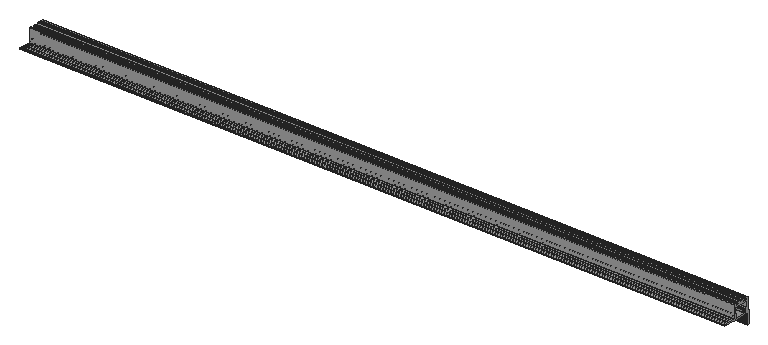
Revit family "Alcon-12100-10-PR-RGBW-Revit-Family", category Lighting Fixtures, host Ceiling, Revit 2021
Family settings
  Host = Ceiling
  Round Connector Dimension = Use Diameter
  Part Type = Normal
  Always vertical = Yes
  Cut with Voids When Loaded = No
  Light Source = Yes
  Shared = No
  Room Calculation Point = No
Parameters (values of type "12100-10-PR-RGBW-4'")
  Wattage = 9.2903 W
  built-in parameter 1150110 = 1 (stored number, unit not read)
  built-in parameter 1114217 = 1 (stored number, unit not read)
  built-in parameter 1150109 = 1 (stored number, unit not read)
  built-in parameter 1150134 = 3
  built-in parameter 1150113 = 1 (stored number, unit not read)
  Product Identity = "Alcon Lighting 12100-10-PR-RGBW"
  Manufacturer = "Alcon Light"
  built-in parameter 1150105 = 439.27 (stored number, unit not read)
  Lumens = 1380 lm
  built-in parameter 1150115 = 1 (stored number, unit not read)
  Link To Product Page = "https://www.alconlighting.com/12100-10-pr-linear-trimless-recessed-led-color-changing-perimeter-lightstrip.html"
  Light Source Symbol Size = 0' - 1"
  built-in parameter 1150137 = (empty or 0)
  built-in parameter 1150139 = (empty or 0)
  Length = 4' - 0"
  Led Source = Led Source
  built-in parameter 1150112 = 1 (stored number, unit not read)
  built-in parameter 1150114 = 1 (stored number, unit not read)
  built-in parameter 1150132 = (empty or 0)
  built-in parameter 1150102 = (empty or 0)
  built-in parameter 1150107 = 3200 (stored number, unit not read)
  built-in parameter 1150138 = (empty or 0)
  built-in parameter 1150106 = 4.3927 (stored number, unit not read)
  Housing = Default
  Lens = Lens
  Emit from Line Length = 4' - 0"
  built-in parameter 1150104 = 13.8 (stored number, unit not read)
  Dimming Lamp Color Temperature Shift = <None>
  Default Elevation = 0' - 0"
  Color Filter = 16777215
  built-in parameter 1114218 = 1 (stored number, unit not read)
  built-in parameter 1150133 = 10 (stored number, unit not read)
Types (5): name | Length | Emit from Line Length
  12100-10-PR-RGBW-3' | 3' - 0" | 3' - 0"
  12100-10-PR-RGBW-4' | 4' - 0" | 4' - 0"
  12100-10-PR-RGBW-6' | 6' - 0" | 6' - 0"
  12100-10-PR-RGBW-2' | 2' - 0" | 2' - 0"
  12100-10-PR-RGBW-8' | 8' - 0" | 8' - 0"
Reference planes (in)
  plane 1 "Center (Front/Back)": y = 0
  plane 2: z = 0
  plane 3 "Center (Left/Right)": x = 0
  plane 4 "Ceiling": z = 157.48031
Forms (in)
  Extrusion 1, solid, material "Default" <- "Housing"
    sketch origin (0, 0, 318.44208) x (0, -1, 0) y (0, 0, -1)
      loop
        line (0.48911, 160.995) -> (0.48911, 160.94031) -> (0.44569, 160.94031) -> (0.44569, 160.84112) -> (0.49738, 160.81702) -> (0.49738, 160.7833)
        arc (0.49738, 160.7833) -> (0.44679, 160.77221) -> (0.41183, 160.73399) r 0.08567
        line (0.41183, 160.73399) -> (0.44569, 160.71896)
        arc (0.44569, 160.71896) -> (0.50789, 160.69592) -> (0.44338, 160.68047) r 0.03466
        line (0.44338, 160.68047) -> (0.41183, 160.66199)
        arc (0.41183, 160.66199) -> (0.44679, 160.62377) -> (0.49738, 160.61268) r 0.08567
        line (0.49738, 160.61268) -> (0.49738, 160.20144) -> (-0.49738, 160.20144) -> (-0.49738, 160.61268)
        arc (-0.49738, 160.61268) -> (-0.44679, 160.62377) -> (-0.41183, 160.66199) r 0.08567
        line (-0.41183, 160.66199) -> (-0.44338, 160.68047)
        arc (-0.44338, 160.68047) -> (-0.50789, 160.69592) -> (-0.44569, 160.71896) r 0.03466
        line (-0.44569, 160.71896) -> (-0.41183, 160.73399)
        arc (-0.41183, 160.73399) -> (-0.44679, 160.77221) -> (-0.49738, 160.7833) r 0.08567
        line (-0.49738, 160.7833) -> (-0.49738, 160.85311) -> (-0.44394, 160.85311) -> (-0.44394, 160.8106) -> (-0.39305, 160.8106) -> (-0.39305, 160.92895) -> (-0.44394, 160.92895) -> (-0.44394, 160.97739) -> (-0.49738, 160.97739) -> (-0.49738, 160.913) -> (-0.5629, 160.913) -> (-0.5629, 160.94734) -> (-0.59479, 160.94734) -> (-0.59479, 160.98291) -> (-0.5629, 160.98291) -> (-0.5629, 161.04177) -> (-0.59479, 161.04177) -> (-0.59479, 161.07734) -> (-0.5629, 161.07734) -> (-0.5629, 161.1362) -> (-0.59479, 161.1362) -> (-0.59479, 161.17177) -> (-0.5629, 161.17177) -> (-0.5629, 161.23063) -> (-0.59479, 161.23063) -> (-0.59479, 161.2662) -> (-0.5629, 161.2662) -> (-0.5629, 161.32506) -> (-0.59479, 161.32506) -> (-0.59479, 161.36063) -> (-0.5629, 161.36063) -> (-0.5629, 161.41949) -> (-0.59479, 161.41949) -> (-0.59479, 161.45506) -> (-0.5629, 161.45506) -> (-0.5629, 161.51392) -> (-0.59479, 161.51392) -> (-0.59479, 161.54949) -> (-0.5629, 161.54949) -> (-0.5629, 161.60835) -> (-0.59479, 161.60835) -> (-0.59479, 161.64392) -> (-0.5629, 161.64392) -> (-0.5629, 161.70278) -> (-0.63158, 161.70278) -> (-0.63158, 160.85311) -> (-0.55447, 160.85311) -> (-0.55447, 159.98246) -> (-0.42956, 159.98246) -> (-0.42956, 160.04169) -> (-0.49738, 160.04169) -> (-0.49738, 160.13618) -> (-0.16794, 160.13618) -> (-0.16794, 160.04169) -> (-0.23423, 160.04169) -> (-0.23423, 159.97611) -> (-0.12352, 159.97611) -> (-0.10412, 160.04851) -> (-0.04231, 160.04851) -> (-0.02034, 160.07048)
        arc (-0.02034, 160.07048) -> (0, 160.13824) -> (0.02034, 160.07048) r 0.03693
        line (0.02034, 160.07048) -> (0.04231, 160.04851) -> (0.10412, 160.04851) -> (0.12352, 159.97611) -> (0.23423, 159.97611) -> (0.23423, 160.04169) -> (0.16794, 160.04169) -> (0.16794, 160.13618) -> (0.49738, 160.13618) -> (0.49738, 160.04169) -> (0.42956, 160.04169) -> (0.42956, 159.98246) -> (0.55447, 159.98246) -> (0.55447, 160.85311) -> (1.34424, 160.85311) -> (1.34424, 160.92853) -> (1.27495, 160.92853) -> (1.25104, 160.90462) -> (1.22713, 160.92853) -> (1.18359, 160.92853) -> (1.15968, 160.90462) -> (1.13576, 160.92853) -> (1.09223, 160.92853) -> (1.06831, 160.90462) -> (1.0444, 160.92853) -> (1.00086, 160.92853) -> (0.97695, 160.90462) -> (0.95303, 160.92853) -> (0.9095, 160.92853) -> (0.88558, 160.90462) -> (0.86167, 160.92853) -> (0.81813, 160.92853) -> (0.79422, 160.90462) -> (0.77031, 160.92853) -> (0.72677, 160.92853) -> (0.70286, 160.90462) -> (0.67894, 160.92853) -> (0.63541, 160.92853) -> (0.61149, 160.90462) -> (0.58758, 160.92853) -> (0.55447, 160.92853) -> (0.55447, 160.995) -> (0.48911, 160.995)
    from 0 to 48
  Extrusion 2, solid, material "Lens" <- "Lens"
    sketch origin (0, 0, 318.52021) x (0, -1, 0) y (0, 0, -1)
      loop
        line (0.48911, 161.01844) -> (0.48911, 161.07313) -> (-0.43647, 161.07313) -> (-0.43647, 161.01844) -> (-0.39305, 161.01844) -> (-0.39305, 160.888) -> (-0.42992, 160.8708) -> (-0.40562, 160.8465)
        arc (-0.40562, 160.8465) -> (-0.38887, 160.8404) -> (-0.37344, 160.84931) r 0.02108
        line (-0.37344, 160.84931) -> (-0.35238, 160.87939) -> (-0.35238, 160.99545) -> (0.40502, 160.99545) -> (0.40502, 160.91064) -> (0.42608, 160.88056)
        arc (0.42608, 160.88056) -> (0.44151, 160.87165) -> (0.45826, 160.87775) r 0.02108
        line (0.45826, 160.87775) -> (0.48256, 160.90205) -> (0.44569, 160.91925) -> (0.44569, 161.01844) -> (0.48911, 161.01844)
    from 0 to 48
  Extrusion 3, void
    sketch origin (0, 0, 157.48031) x (0, 1, 0) y (-1, 0, 0)
      loop
        line (-0.55447, 0) -> (-0.55447, -48) -> (0.49738, -48) -> (0.49738, 0) -> (-0.55447, 0)
    from -0.14164 to 1.18394
Dimensions and locks (in)
  equal spacing: host sketch curve, plane 3 "Center (Left/Right)", host sketch curve
  equal spacing: host sketch curve, plane 1 "Center (Front/Back)", host sketch curve
  host sketch curve to host sketch curve = 13' - 1.48031"  (x2)
  plane 4 "Ceiling" to host ceiling = 0' - 0"
  "Length": plane 3 "Center (Left/Right)" to Extrusion 3
  "Length": plane 3 "Center (Left/Right)" to Extrusion 2
  "Length": plane 3 "Center (Left/Right)" to Extrusion 1
Automatic sketch dimensions
  Extrusion 3 sketch curve to plane 3 "Center (Left/Right)" = 0' - 0"
  plane 1 "Center (Front/Back)" to Extrusion 3 sketch curve = 0' - 0.55447"
  Extrusion 3 sketch curve to plane 1 "Center (Front/Back)" = 0' - 0.49738"
  plane 3 "Center (Left/Right)" to Extrusion 3 sketch curve = 4' - 0"
  Extrusion 2 sketch curve to plane 4 "Ceiling" = 0' - 0.02145"  (x2)
  Extrusion 2 sketch curve to plane 1 "Center (Front/Back)" = 0' - 0.43647"
  Extrusion 2 sketch curve to plane 4 "Ceiling" = 0' - 0.16909"
  Extrusion 2 sketch curve to Extrusion 2 sketch curve = 0' - 0.00655"
  Extrusion 2 sketch curve to plane 4 "Ceiling" = 0' - 0.19339"
  Extrusion 2 sketch curve to Extrusion 2 sketch curve = 0' - 0.0243"  (x2)
  Extrusion 2 sketch curve to plane 4 "Ceiling" = 0' - 0.1519"
  Extrusion 2 sketch curve to Extrusion 2 sketch curve = 0' - 0.03687"
  Extrusion 2 sketch curve to Extrusion 2 sketch curve = 0' - 0.01491"  (x2)
  Extrusion 2 sketch curve to plane 4 "Ceiling" = 0' - 0.19058"
  Extrusion 2 sketch curve to Extrusion 2 sketch curve = 0' - 0.01727"  (x2)
  Extrusion 2 sketch curve to Extrusion 2 sketch curve = 0' - 0.02106"  (x2)
  Extrusion 2 sketch curve to plane 4 "Ceiling" = 0' - 0.12925"
  plane 1 "Center (Front/Back)" to Extrusion 2 sketch curve = 0' - 0.40502"
  Extrusion 2 sketch curve to plane 4 "Ceiling" = 0' - 0.15933"
  Extrusion 2 sketch curve to plane 4 "Ceiling" = 0' - 0.12065"
  Extrusion 2 sketch curve to Extrusion 2 sketch curve = 0' - 0.00234"
  Extrusion 2 sketch curve to plane 4 "Ceiling" = 0' - 0.16214"
  Extrusion 2 sketch curve to plane 4 "Ceiling" = 0' - 0.13784"
  Extrusion 2 sketch curve to Extrusion 2 sketch curve = 0' - 0.04342"
  Extrusion 2 sketch curve to Extrusion 2 sketch curve = 0' - 0.03008"
  Extrusion 2 sketch curve to plane 4 "Ceiling" = 0' - 0.04445"
  Extrusion 2 sketch curve to Extrusion 2 sketch curve = 0' - 0 7/128"
  Extrusion 1 sketch curve to Extrusion 1 sketch curve = 0' - 0"  (x10)
  Extrusion 1 sketch curve to plane 1 "Center (Front/Back)" = 0' - 0.63158"
  Extrusion 1 sketch curve to Extrusion 1 sketch curve = 0' - 0.03679"  (x3)
  Extrusion 1 sketch curve to plane 4 "Ceiling" = 0' - 0.01442"
  Extrusion 1 sketch curve to Extrusion 1 sketch curve = 0' - 0.03189"  (x9)
  Extrusion 1 sketch curve to Extrusion 1 sketch curve = 0' - 0.07711"
  plane 4 "Ceiling" to Extrusion 1 sketch curve = 0' - 0 1/64"
  Extrusion 1 sketch curve to Extrusion 1 sketch curve = 0' - 0.06553"
  Extrusion 1 sketch curve to Extrusion 1 sketch curve = 0' - 0.05709"  (x4)
  Extrusion 1 sketch curve to Extrusion 1 sketch curve = 0' - 0 1/128"  (x2)
  Extrusion 1 sketch curve to Extrusion 1 sketch curve = 0' - 0.01628"  (x2)
  Extrusion 1 sketch curve to plane 4 "Ceiling" = 0' - 0.24281"  (x2)
  Extrusion 1 sketch curve to Extrusion 1 sketch curve = 0' - 0.0276"
  Extrusion 1 sketch curve to Extrusion 1 sketch curve = 0' - 0.05343"  (x2)
  Extrusion 1 sketch curve to plane 4 "Ceiling" = 0' - 0.2813"
  Extrusion 1 sketch curve to Extrusion 1 sketch curve = 0' - 0.0299"  (x2)
  Extrusion 1 sketch curve to Extrusion 1 sketch curve = 0' - 0.06782"  (x2)
  Extrusion 1 sketch curve to plane 4 "Ceiling" = 0' - 0.29978"
  Extrusion 1 sketch curve to Extrusion 1 sketch curve = 0' - 0.03155"  (x2)
  Extrusion 1 sketch curve to plane 4 "Ceiling" = 0' - 0.22777"  (x2)
  Extrusion 1 sketch curve to Extrusion 1 sketch curve = 0' - 0.03386"  (x3)
  Extrusion 1 sketch curve to Extrusion 1 sketch curve = 0' - 0.05089"
  Extrusion 1 sketch curve to Extrusion 1 sketch curve = 0' - 0 25/128"  (x2)
  Extrusion 1 sketch curve to Extrusion 1 sketch curve = 0' - 0.06628"  (x2)
  Extrusion 1 sketch curve to Extrusion 1 sketch curve = 0' - 0.04442"
  Extrusion 1 sketch curve to Extrusion 1 sketch curve = 0' - 0.06382"  (x2)
  Extrusion 1 sketch curve to Extrusion 1 sketch curve = 0' - 0.06181"  (x2)
  Extrusion 1 sketch curve to Extrusion 1 sketch curve = 0' - 0.02198"  (x4)
  Extrusion 1 sketch curve to Extrusion 1 sketch curve = 0' - 0.02034"  (x2)
  Extrusion 1 sketch curve to Extrusion 1 sketch curve = 0' - 0.0194"
  plane 1 "Center (Front/Back)" to Extrusion 1 sketch curve = 0' - 0.41183"
  Extrusion 1 sketch curve to plane 4 "Ceiling" = 0' - 0.02145"
  Extrusion 1 sketch curve to Extrusion 1 sketch curve = 0' - 0.04342"
  Extrusion 1 sketch curve to Extrusion 1 sketch curve = 0' - 0.05169"
  Extrusion 1 sketch curve to Extrusion 1 sketch curve = 0' - 0.06536"
  Extrusion 1 sketch curve to plane 4 "Ceiling" = 0' - 0.03324"  (x9)
  Extrusion 1 sketch curve to Extrusion 1 sketch curve = 0' - 0.03311"
  Extrusion 1 sketch curve to plane 4 "Ceiling" = 0' - 0.05715"  (x8)
  Extrusion 1 sketch curve to Extrusion 1 sketch curve = 0' - 0.02391"  (x8)
  Extrusion 1 sketch curve to Extrusion 1 sketch curve = 0' - 0.04354"  (x7)
  Extrusion 1 sketch curve to Extrusion 1 sketch curve = 0' - 0.06929"
  Extrusion 1 sketch curve to Extrusion 1 sketch curve = 0' - 0.05697"
  Extrusion 1 sketch curve to Extrusion 1 sketch curve = 0' - 0.06779"
  Extrusion 1 sketch curve to Extrusion 1 sketch curve = 0' - 0.04931"
  Extrusion 1 sketch curve to Extrusion 1 sketch curve = 0' - 0.41124"
  Extrusion 1 sketch curve to Extrusion 1 sketch curve = 0' - 0.06526"  (x2)
  Extrusion 1 sketch curve to Extrusion 1 sketch curve = 0' - 0.03487"
  Extrusion 1 sketch curve to Extrusion 1 sketch curve = 0' - 0.03083"
  Extrusion 1 sketch curve to Extrusion 1 sketch curve = 0' - 0.09449"  (x4)
  Extrusion 1 sketch curve to Extrusion 1 sketch curve = 0' - 0.05923"  (x2)
  Extrusion 1 sketch curve to Extrusion 1 sketch curve = 0' - 0.0724"
  Extrusion 1 sketch curve to Extrusion 1 sketch curve = 0' - 0.06558"
  Extrusion 1 sketch curve to Extrusion 1 sketch curve = 0' - 0.01849"
  Extrusion 1 sketch curve to Extrusion 1 sketch curve = 0' - 0.07661"
  Extrusion 1 sketch curve to Extrusion 1 sketch curve = 0' - 0.03372"
  Extrusion 1 sketch curve to Extrusion 1 sketch curve = 0' - 0.0241"
  Extrusion 1 sketch curve to Extrusion 1 sketch curve = 0' - 0.03609"
  Extrusion 1 sketch curve to Extrusion 1 sketch curve = 0' - 0.04251"
  Extrusion 1 sketch curve to plane 4 "Ceiling" = 0' - 0.04876"
  Extrusion 1 sketch curve to plane 4 "Ceiling" = 0' - 0.03282"
  plane 4 "Ceiling" to Extrusion 1 sketch curve = 0' - 0.02114"
  plane 4 "Ceiling" to Extrusion 1 sketch curve = 0' - 0.03324"
  Extrusion 1 sketch curve to Extrusion 1 sketch curve = 0' - 0.05887"  (x8)
  Extrusion 1 sketch curve to Extrusion 1 sketch curve = 0' - 0.03556"  (x7)
  Extrusion 1 sketch curve to Extrusion 1 sketch curve = 0' - 0.0599"
